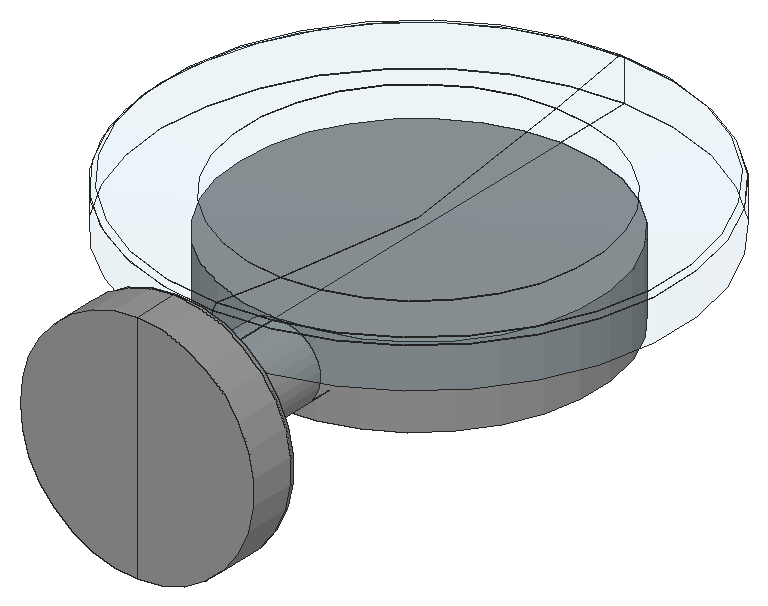
Revit family "Soap dish-Trendy hotels- Gala -53061", category Plumbing Fixtures, host Wall, Revit 2020
Family settings
  Host = Wall
  Round Connector Dimension = Use Diameter
  Part Type = Normal
  OmniClass Number = 23.45.05.00
  OmniClass Title = Sanitary Equipment
  Always vertical = Yes
  Cut with Voids When Loaded = No
  Shared = No
  Room Calculation Point = No
Parameters (values of type "5306100 Chrome")
  Youtube clip = ""
  Weight Net (Kg) = 0
  Uniclass 2.0 Description = ""
  Uniclass 2.0 Code = ""
  Uniclass 1.4 Description = "Bathroom, toilet furniture and fittings"
  Uniclass 1.4 Code = "L824"
  URL = "http://gala.es/accesorios/trendly-hotels/jabonera-53061"
  UNSPSC Code = ""
  Technical description = "http://www.gala.es/site/files/datos/ACCESORIOS/TRENDLY-HOTELS/53061/TECNICOS/T53061.pdf"
  Region South America = "All"
  Region Oceania = "All"
  Region North America = "All"
  Region Middle East = "All"
  Region Europe = "All"
  Region Asia = "All"
  Region Antarctica = "All"
  Region Africa = "All"
  QR code = "http://bimobject.com/gala/product/53061"
  Product group = "Bathroom accesories"
  Product family = "Trendly hotels"
  Product data url = "http://bimobject.com/gala/product/53061"
  Product certification = ""
  Product SKU = "5306100"
  Product Guid = "4469e19f-d2f8-4f73-b012-21dce8e6bb21"
  Primary Material = Chrome-Trendy Hotels-Gala
  Nominal width = 11000
  Nominal height = 0
  NBS Reference Description = ""
  NBS Reference Code = ""
  Material secondary = ""
  Material main = ""
  Manufacturer name = "GALA"
  Manufacturer country = "Spain"
  Manufacturer URL = "http://www.gala.es/"
  Installation instructions = "http://www.gala.es/site/files/datos/MANUALES/05%20Muebles/03%20Jade/Instrucciones%20de%20Montaje/G931200155c_Ins.%20Montaje%20Mubles%20JADE.pdf"
  IFC Classification = "Object"
  Edition number = 1
  EAN code = ""
  Design country = "Spain"
  Description = "Soap dish"
  Default Elevation = 0 mm
  Date of publishing = ""
  COBIe Type Category = ""
  BIMobject category = "Bathroom Accessories"
Reference planes
  plane 1 "Wall": y = 0
  plane 2 "Center (Left/Right)": x = 125
  plane 3 "Back": y = 75
  plane 4: z = 0
Text (mm)
  text "Placement Side" at (-1848.837, 1116.779, 0), in view "Ref. Level"
  text "Placement side" at (0, 1409.804, 2854.306), in view "Left"
  text "Placement side" at (0, 499.811, 2980.732), in view "Right"
Dimensions and locks
  locked: plane 3 "Back" to host wall
  aligned and locked: plane 1 "Wall" to host wall
  aligned and locked: nested 1 to plane 3 "Back"
  aligned and locked: nested 1 to plane 2 "Center (Left/Right)"
Nested families
  nested 1: "53061" at (125, 75, 0) x (-1, 0, 0) z (0, 0, 1), type "53061"
Definition of nested family "53061"
  Parameters
    w = 595 mm
    h = 560 mm
    d = 445 mm
    Primary Material = none
    Default Elevation = 0 mm
  Reference planes
    plane 1 "Center (Front/Back)": y = 0
    plane 2: z = 0
    plane 3 "Center (Left/Right)": x = 0
    plane 4: z = 0
  Forms (mm)
    Revolve 1, solid, material <- "Primary Material", detail levels medium+fine
      sketch origin (0, 0, 0) x (0, 1, 0) y (0, 0, 1)
        loop
          line (0, 24.9) -> (0, 49.8) -> (-9.78, 49.8)
          arc (-9.78, 49.8) -> (-10.781, 49.385) -> (-11.196, 48.384) r 1.416
          arc (-11.196, 48.384) -> (-11.741, 40.909) -> (-11.994, 33.419) r 191.506
          line (-11.994, 33.419) -> (-42.867, 33.419) -> (-42.867, 24.9) -> (0, 24.9)
        axis (0, 24.9) -> (-42.867, 24.9)
      angle from 0 to 360
    Revolve 2, solid, material <- "Primary Material", detail levels medium+fine
      sketch origin (0, 0, 0) x (0, 1, 0) y (0, 0, 1)
        loop
          line (-74.8, 33.579) -> (-112.697, 33.579) -> (-112.697, 16.379) -> (-107.717, 16.379)
          arc (-107.717, 16.379) -> (-91.583, 11.429) -> (-74.8, 9.659) r 87.765
          line (-74.8, 9.659) -> (-74.8, 33.579)
        axis (-74.8, 33.579) -> (-74.8, 9.659)
      angle from 0 to 360
    Revolve 3, solid, detail levels medium+fine
      sketch origin (0, 0, 0) x (0, 1, 0) y (0, 0, 1)
        loop
          line (-74.8, 33.579) -> (-74.8, 35.899)
          arc (-74.8, 35.899) -> (-93.28, 37.334) -> (-111.513, 40.674) r 178.835
          arc (-111.513, 40.674) -> (-120.002, 42.351) -> (-128.594, 43.379) r 113.98
          line (-128.594, 43.379) -> (-129.583, 42.391) -> (-129.583, 33.579) -> (-74.8, 33.579)
        axis (-74.8, 33.579) -> (-74.8, 43.379)
      angle from 0 to 360
    Sweep 4, solid, material <- "Primary Material", detail levels coarse
      path origin (0, 0, 0) x (1, 0, 0) y (0, 1, 0)
        loop
          line (0, -129.583) -> (0, 0)
      profile origin (0, -64.791, 0) x (-1, 0, 0) y (0, 0, 1)
        loop
          line (-55, 49.821) -> (-55, 0) -> (55, 0) -> (55, 49.821) -> (-55, 49.821)
  Lines and regions (mm)
    Masking region 1, detail levels medium+fine
      outline origin (0, 0, 0) x (1, 0, 0) y (0, 0, 1)
        loop
          arc (0, 49.8) -> (-8.86, 48.17) -> (-16.561, 43.494) r 24.9
          line (-16.561, 43.494) -> (-53.836, 43.494) -> (-55, 42.33) -> (-55, 33.705) -> (-37.938, 33.705) -> (-37.938, 16.379) -> (-32.918, 16.379)
          arc (-32.918, 16.379) -> (-27.3, 14.185) -> (-21.538, 12.405) r 82.798
          arc (-21.538, 12.405) -> (-12.427, 3.323) -> (0, 0) r 24.9
          arc (0, 0) -> (12.427, 3.323) -> (21.538, 12.405) r 24.9
          arc (21.538, 12.405) -> (27.3, 14.185) -> (32.918, 16.379) r 82.798
          line (32.918, 16.379) -> (37.938, 16.379) -> (37.938, 33.705) -> (55, 33.705) -> (55, 42.33) -> (53.836, 43.494) -> (16.561, 43.494)
          arc (16.561, 43.494) -> (8.86, 48.17) -> (0, 49.8) r 24.9
    Masking region 2, detail levels coarse
      outline origin (0, 0, 0) x (1, 0, 0) y (0, 0, 1)
        loop
          line (-55, 49.821) -> (-55, 0) -> (55, 0) -> (55, 49.821) -> (-55, 49.821)
    Masking region 3, detail levels medium+fine
      outline origin (0, 0, 0) x (0, 1, 0) y (0, 0, 1)
        loop
          line (0, -0.021) -> (0, 49.821) -> (-9.544, 49.821)
          arc (-9.544, 49.821) -> (-10.572, 49.496) -> (-11.229, 48.641) r 1.793
          arc (-11.229, 48.641) -> (-11.814, 41.04) -> (-11.994, 33.419) r 143.321
          line (-11.994, 33.419) -> (-19.87, 33.419) -> (-19.87, 42.432) -> (-20.817, 43.379) -> (-128.594, 43.379) -> (-129.583, 42.391) -> (-129.583, 33.579) -> (-112.697, 33.579) -> (-112.697, 16.379) -> (-107.717, 16.379)
          arc (-107.717, 16.379) -> (-74.8, 9.614) -> (-41.882, 16.379) r 83.471
          line (-41.882, 16.379) -> (-11.994, 16.379)
          arc (-11.994, 16.379) -> (-11.814, 8.759) -> (-11.229, 1.159) r 143.321
          arc (-11.229, 1.159) -> (-10.572, 0.304) -> (-9.544, -0.021) r 1.793
          line (-9.544, -0.021) -> (0, -0.021)
    Masking region 4, detail levels coarse
      outline origin (0, 0, 0) x (0, 1, 0) y (0, 0, 1)
        loop
          line (0, 49.821) -> (-129.583, 49.821) -> (-129.583, 0) -> (0, 0) -> (0, 49.821)
    Masking region 5, detail levels medium+fine
      outline origin (0, 0, 0) x (1, 0, 0) y (0, 1, 0)
        loop
          line (-25, 0) -> (-25, -10)
          arc (-25, -10) -> (-24.445, -10.838) -> (-23.505, -11.195) r 1.644
          arc (-23.505, -11.195) -> (-16.023, -11.787) -> (-8.519, -11.994) r 145.773
          line (-8.519, -11.994) -> (-8.519, -20.246)
          arc (-8.519, -20.246) -> (0, -129.583) -> (8.519, -20.246) r 55
          line (8.519, -20.246) -> (8.519, -11.994)
          arc (8.519, -11.994) -> (16.023, -11.787) -> (23.505, -11.195) r 145.773
          arc (23.505, -11.195) -> (24.445, -10.838) -> (25, -10) r 1.644
          line (25, -10) -> (25, 0) -> (-25, 0)
    Masking region 6, detail levels coarse
      outline origin (0, 0, 0) x (1, 0, 0) y (0, 1, 0)
        loop
          line (-55, 0) -> (-55, -129.583) -> (55, -129.583) -> (55, 0) -> (-55, 0)
    symbolic lines, detail levels fine
      curve 1: line (-32.918, 0, 16.379) -> (32.918, 0, 16.379)
      curve 6: line (0, -107.717, 16.379) -> (0, -41.882, 16.379)
    symbolic lines, detail levels medium+fine
      curve 2: arc (-21.538, 0, 12.405) -> (0, 0, 9.554) -> (21.538, 0, 12.405) r 82.798
      curve 3: line (16.561, 0, 43.494) -> (-16.561, 0, 43.494)
      curve 4: line (-37.938, 0, 33.705) -> (37.938, 0, 33.705)
      curve 5: line (0, -19.87, 33.419) -> (0, -112.697, 33.419)
      curve 7: arc (8.519, -20.246, 0) -> (0, -19.583, 0) -> (-8.519, -20.246, 0) r 55
      curve 8: line (-8.519, -11.994, 0) -> (8.519, -11.994, 0)
  Dimensions and locks
    aligned and locked: level to plane 2
